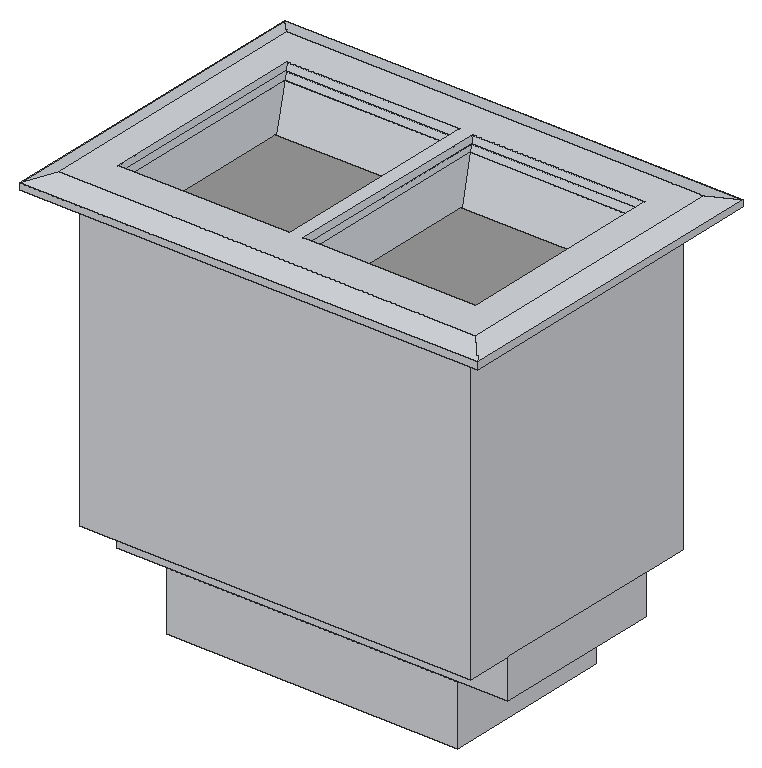
Revit family "2061099 Sylvania Lighting Fixture DOMINO 2xLED 930 BLACK MB TRIM BLACK", category Lighting Fixtures, host Face, Revit 2018
Family settings
  Host = Face
  Round Connector Dimension = Use Diameter
  Part Type = Normal
  OmniClass Number = 23.80.70.00
  OmniClass Title = Lighting
  Cut with Voids When Loaded = No
  Light Source = Yes
  Shared = No
  Room Calculation Point = No
Parameters (values of type "2061099 DOMINO 2XLED 930 BLACK MB TR BLK ")
  top top length = 44 mm
  Width = 50 mm
  Weight = "n/a"
  Wattage Comments = ""
  Wattage = 9.2903 W
  WarrantyStartDate [instance] = "n/a"
  WarrantyGuarantorParts = "n/a"
  WarrantyDurationUnit = "n/a"
  WarrantyDurationParts = ""
  WarrantyDescription = "http://www.sylvania-lighting.com"
  built-in parameter 1150110 = 1 (stored number, unit not read)
  Voltage = 0 V
  URL = "0.6"
  TypeName = "DOMINO 2xLED 930 BLACK MB TRIM BLACK"
  Type Image = <None>
  Type Comments = "n/a"
  built-in parameter 1114217 = 1 (stored number, unit not read)
  Top Width = 26 mm
  Tilt Angle = 90.00°
  built-in parameter 1150109 = 1 (stored number, unit not read)
  built-in parameter 1150134 = 3
  built-in parameter 1150113 = 1 (stored number, unit not read)
  SerialNumber [instance] = "n/a"
  Recessed Width = 43 mm
  Recessed Length = 63 mm
  Photometric Web File = "2061099.ies"
  Material_3_FEILO = none
  PowerFactor = 0
  PowerConsumption = "Lighting"
  NominalLength = 50 mm
  NominalHeight = 0 mm
  NominalDepth = 0 mm
  Name = "DOMINO 2xLED 930 BLACK MB TRIM BLACK"
  ModelReference = Name  # "DOMINO 2xLED 930 BLACK MB TRIM BLACK"
  ModelNumber = "2061099"
  Model = Name  # "DOMINO 2xLED 930 BLACK MB TRIM BLACK"
  Material = "Feilo Sylvania"
  ManufacturerName = "54 lm/W"
  Manufacturer = ""
  LuminousEfficacy = ""
  built-in parameter 1150105 = 109.82 (stored number, unit not read)
  Lumens = 1380 lm
  LuminaireType = "0"
  built-in parameter 1150115 = 1 (stored number, unit not read)
  LightOutputRatio = "LED"
  built-in parameter 1150137 = (empty or 0)
  built-in parameter 1150139 = (empty or 0)
  Lens Width = 32 mm
  Lens = Glass, White, High Luminance
  Length = 69 mm
  LampsType = Lamp  # "n/a"
  LampNominalLuminous = "3000 K"
  LampMacAdamStep = "90"
  LampColourTemperature = "LED"
  LampColourRenderingIndex = "16500"
  built-in parameter 1150112 = 1 (stored number, unit not read)
  built-in parameter 1150114 = 1 (stored number, unit not read)
  Lamp = "n/a"
  Keynote = "n/a"
  InstallationDate [instance] = "n/a"
  InputVoltage = "0"
  InputNominalFrequency = "3000"
  built-in parameter 1150132 = (empty or 0)
  built-in parameter 1150102 = (empty or 0)
  built-in parameter 1150107 = 3200 (stored number, unit not read)
  built-in parameter 1150138 = (empty or 0)
  IngressProtection = "IfcLightFixtureType"
  ImpactProtectionIndex = "IfcLightFixtureType"
  built-in parameter 1150106 = 1.0982 (stored number, unit not read)
  IfcExportType = "IfcLightFixtureType"
  IfcExportAs = "Class II"
  Facia internal width = 37 mm
  Facia internal length = 56 mm
  Facia Height = 2 mm
  ExpectedLife = 50000
  Emit from Circle Diameter = 609.6 mm
  Emit Shape Visible in Rendering = no
  ElectricShockClassification = "54"
  built-in parameter 1150104 = 13.8 (stored number, unit not read)
  DurationUnit = "hours"
  DocumentationLiterature = "http://www.sylvania-lighting.com/product/en-int/products/2061099"
  DimmingControlOptions = "n/a"
  Material_2_FEILO = none
  Dimming Lamp Color Temperature Shift = <None>
  Description = "Modular LED recessed linear spotlight, ideal for retail and hospitality applications. Die-cast aluminium body, passive cooling. Two levels of reflector installation, low glaring UGR<16. 2x LED source, 30° beam angle , optics: PMMA lens and polycarbonate reflector combination, Black matt reflector finish. Light color temperature: 3000K warm white, total system power: 6W , total fixture lumen output: 320lm, efficacy: 54 lm/W, Ra90 typical, LED chromacity: 3 step MacAdam ellipse (SDCM3), lifespan: 96,000 hours at 90% of the original output (L90B10), IR/UV free light source without heat radiation, operating voltage: 220-240V / 50-60Hz, electronic driver, ultra low flicker, non-dimmable , electrical protection: Class II. Degree of Protection: IP40/IP20, suitable for indoor environment only. Ceiling cut-out: 43x43mm, outer dimensions:  70x50mm trim frame RAL 9005 - Jet black color.5 years Warranty."
  Default Elevation = 1219.2 mm
  CreatedOn = "10/02/2021"
  CreatedBy = "harvey.smart@sylvania-lighting.com"
  Cost = 0
  Color Filter = 16777215
  built-in parameter 1114216 [instance] = (empty or 0)
  ClassificationValue = "EF_70_80"
  ClassificationName = "Uniclass2015"
  Material_1_FEILO = none
  Body Width = 40 mm
  Body Length = 59 mm
  BarCode [instance] = "n/a"
  built-in parameter 1114218 = 1 (stored number, unit not read)
  built-in parameter 1150133 = 10 (stored number, unit not read)
  AssetType = "Fixed"
  AssetIdentifier [instance] = "n/a"
  Assembly Code = "D5020200"
  Apparent Load = 6 VA
  Material_4_FEILO = none
Reference planes
  plane 1 "Center (Front/Back)": y = 0
  plane 2: z = 0
  plane 3 "Center (Left/Right)": x = 0
  plane 4: z = 0
  plane 5: z = -7
  plane 6: z = -45.895
  plane 7: z = -51.895
  plane 8: z = -60.895
  plane 9: x = -31.5
  plane 10: x = 31.5
  plane 11: y = 21.5
  plane 12: y = -21.5
  plane 13: x = -34.5
  plane 14: x = 34.5
  plane 15: y = 25
  plane 16: y = -25
  plane 17: x = 28
  plane 18: x = -28
  plane 19: y = 18.5
  plane 20: y = -18.5
  plane 21: z = 2
  plane 22: x = -29.5
  plane 23: x = 29.5
  plane 24: y = 20
  plane 25: y = -20
  plane 26: y = 13
  plane 27: y = -13
  plane 28: x = 22
  plane 29: y = 16
  plane 30: y = -16
  plane 31: x = -27
  plane 32: x = -1
  plane 33: x = -26
  plane 34: x = -2
  plane 35: y = 12.5
  plane 36: y = -12.5
  plane 37: x = 27
  plane 38: x = 1
  plane 39: x = 2
  plane 40: x = 26.026
Forms (mm)
  Extrusion 1, solid, not visible, detail levels medium+fine
    sketch origin (4.2, 0, 0) x (1, 0, 0) y (0, 1, 0)
      loop
        line (-29.2, 34.5) -> (-29.2, -34.5) -> (20.8, -34.5) -> (20.8, 34.5) -> (-29.2, 34.5)
    from 0 to 1
  Extrusion 2, solid, not visible, detail levels medium+fine
    sketch origin (4.044, 0, 0) x (1, 0, 0) y (0, 1, 0)
      loop
        line (-29.2, 34.5) -> (-29.2, -34.5) -> (20.8, -34.5) -> (20.8, 34.5) -> (-29.2, 34.5)
    from 0 to 1
  Blend 3, solid, not visible, detail levels medium+fine
    base sketch origin (4.2, 0, 0) x (1, 0, 0) y (0, 1, 0)
      loop
        line (-29.2, 34.5) -> (-29.2, -34.5) -> (20.8, -34.5) -> (20.8, 34.5) -> (-29.2, 34.5)
    top sketch origin (4.2, 0, 0) x (1, 0, 0) y (0, 1, 0)
      loop
        line (-21.7, 28) -> (-21.7, -28) -> (13.3, -28) -> (13.3, 28) -> (-21.7, 28)
    from 1 to 3
  Extrusion 4, solid, not visible, detail levels medium+fine
    sketch origin (3.419, 0, 0) x (1, 0, 0) y (0, 1, 0)
      loop
        line (-29.2, 34.5) -> (-29.2, -34.5) -> (20.8, -34.5) -> (20.8, 34.5) -> (-29.2, 34.5)
    from 0 to 1
  Blend 5, solid, not visible, detail levels medium+fine
    base sketch origin (3.575, 0, 0) x (1, 0, 0) y (0, 1, 0)
      loop
        line (-29.2, 34.5) -> (-29.2, -34.5) -> (20.8, -34.5) -> (20.8, 34.5) -> (-29.2, 34.5)
    top sketch origin (3.575, 0, 0) x (1, 0, 0) y (0, 1, 0)
      loop
        line (-21.7, 28) -> (-21.7, -28) -> (13.3, -28) -> (13.3, 28) -> (-21.7, 28)
    from 1 to 3
  Extrusion 6, solid, not visible, detail levels medium+fine
    sketch origin (4.247, 0, 0) x (1, 0, 0) y (0, 1, 0)
      loop
        line (-29.2, 34.5) -> (-29.2, -34.5) -> (20.8, -34.5) -> (20.8, 34.5) -> (-29.2, 34.5)
    from 0 to 1
  Blend 7, solid, not visible, detail levels medium+fine
    base sketch origin (4.403, 0, 0) x (1, 0, 0) y (0, 1, 0)
      loop
        line (-29.2, 34.5) -> (-29.2, -34.5) -> (20.8, -34.5) -> (20.8, 34.5) -> (-29.2, 34.5)
    top sketch origin (4.403, 0, 0) x (1, 0, 0) y (0, 1, 0)
      loop
        line (-21.7, 28) -> (-21.7, -28) -> (13.3, -28) -> (13.3, 28) -> (-21.7, 28)
    from 1 to 3
  Extrusion 8, void, detail levels medium+fine
    sketch origin (4.2, 0, 0) x (0, 1, 0) y (1, 0, 0)
      loop
        line (21.5, -35.7) -> (21.5, 27.3) -> (-21.5, 27.3) -> (-21.5, -35.7) -> (21.5, -35.7)
    from -9.934 to 83.097
  Extrusion 9, solid, detail levels medium+fine
    sketch origin (4.2, 0, 0) x (1, 0, 0) y (0, 1, 0)
      loop
        line (-38.7, 25) -> (-38.7, -25) -> (30.3, -25) -> (30.3, 25) -> (-38.7, 25)
    from 0 to 1
  Blend 10, solid, detail levels medium+fine
    base sketch origin (4.2, 0, 0) x (1, 0, 0) y (0, 1, 0)
      loop
        line (-38.7, 25) -> (-38.7, -25) -> (30.3, -25) -> (30.3, 25) -> (-38.7, 25)
    top sketch origin (4.2, 0, 0) x (1, 0, 0) y (0, 1, 0)
      loop
        line (-35.7, 21.5) -> (-35.7, -21.5) -> (27.3, -21.5) -> (27.3, 21.5) -> (-35.7, 21.5)
    from 1 to 2
  Extrusion 11, solid, detail levels medium+fine
    sketch origin (4.2, 0, 0) x (1, 0, 0) y (0, 1, 0)
      loop
        line (-33.7, 20) -> (-33.7, -20) -> (25.3, -20) -> (25.3, 20) -> (-33.7, 20)
    from 0 to -45.895
  Extrusion 12, solid, detail levels medium+fine
    sketch origin (4.2, 0, 0) x (1, 0, 0) y (0, 1, 0)
      loop
        line (-33.7, 13) -> (-33.7, -13) -> (25.3, -13) -> (25.3, 13) -> (-33.7, 13)
    from -51.895 to -45.895
  Extrusion 13, solid, detail levels fine
    sketch origin (4.2, 0, 0) x (1, 0, 0) y (0, 1, 0)
      loop
        line (-26.2, 13) -> (-26.2, -13) -> (17.8, -13) -> (17.8, 13) -> (-26.2, 13)
    from -60.895 to -51.895
  Blend 14, void, detail levels medium+fine
    base sketch origin (4.2, 0, 0) x (0, 1, 0) y (-1, 0, 0)
      loop
        line (16, 31.2) -> (-16, 31.2) -> (-16, 5.2) -> (16, 5.2) -> (16, 31.2)
    top sketch origin (4.2, 0, 0) x (0, 1, 0) y (-1, 0, 0)
      loop
        line (12.5, 30.2) -> (-12.5, 30.2) -> (-12.5, 6.2) -> (12.5, 6.2) -> (12.5, 30.2)
    from 2 to -7
  Blend 15, void, detail levels medium+fine
    base sketch origin (4.2, 0, 0) x (0, 1, 0) y (-1, 0, 0)
      loop
        line (16, 3.2) -> (-16, 3.2) -> (-16, -22.8) -> (16, -22.8) -> (16, 3.2)
    top sketch origin (4.2, 0, 0) x (0, 1, 0) y (-1, 0, 0)
      loop
        line (12.5, 2.2) -> (-12.5, 2.2) -> (-12.5, -21.826) -> (12.5, -21.826) -> (12.5, 2.2)
    from 2 to -7
  Extrusion 16, solid, material "Glass, White, High Luminance" <- "Lens", detail levels fine
    sketch origin (0, 1219.2, 38) x (1, 0, 0) y (0, 1, 0)
      loop
        line (-26, -1206.7) -> (-26, -1231.7) -> (-2, -1231.7) -> (-2, -1206.7) -> (-26, -1206.7)
    from -45 to -44
  Extrusion 17, solid, material "Glass, White, High Luminance" <- "Lens", detail levels fine
    sketch origin (4.2, 0, 0) x (1, 0, 0) y (0, 1, 0)
      loop
        line (-2.2, 12.5) -> (-2.2, -12.5) -> (21.826, -12.5) -> (21.826, 12.5) -> (-2.2, 12.5)
    from -7 to -6
  Extrusion 18, solid, detail levels coarse
    sketch origin (0, 1219.2, 38) x (1, 0, 0) y (0, 1, 0)
      loop
        line (34.5, -1194.2) -> (-34.5, -1194.2) -> (-34.5, -1244.2) -> (34.5, -1244.2) -> (34.5, -1194.2)
    from -36 to -98.895
Cuts and joins
  Blend 14, Blend 15 cuts Extrusion 9
  Blend 14, Blend 15 cuts Blend 10
  Blend 14, Blend 15 cuts Extrusion 11
Dimensions and locks
  "Recessed Length": plane 9 to plane 10
  equal spacing: plane 9, plane 3 "Center (Left/Right)", plane 10
  "Length": plane 13 to plane 14
  equal spacing: plane 13, plane 3 "Center (Left/Right)", plane 14
  "Recessed Width": plane 11 to plane 12
  equal spacing: plane 11, plane 1 "Center (Front/Back)", plane 12
  "Width": plane 15 to plane 16
  equal spacing: plane 15, plane 1 "Center (Front/Back)", plane 16
  "Facia internal length": plane 18 to plane 17
  equal spacing: plane 18, plane 3 "Center (Left/Right)", plane 17
  "Facia internal width": plane 19 to plane 20
  equal spacing: plane 19, plane 1 "Center (Front/Back)", plane 20
  "Facia Height": plane 21 to host face
  "Body Length": plane 22 to plane 23
  equal spacing: plane 22, plane 3 "Center (Left/Right)", plane 23
  "Body Width": plane 24 to plane 25
  equal spacing: plane 24, plane 1 "Center (Front/Back)", plane 25
  "Top Width": plane 26 to plane 27
  equal spacing: plane 26, plane 1 "Center (Front/Back)", plane 27
  plane 3 "Center (Left/Right)" to plane 28 = 22 mm
  "Lens Width": plane 29 to plane 30
  equal spacing: plane 29, plane 1 "Center (Front/Back)", plane 30
  aligned and locked: plane 2 to host face
  aligned and locked: level to host face
  aligned and locked: plane 21 to Blend 10
  aligned and locked: Extrusion 9 to Blend 10
  aligned and locked: plane 7 to Extrusion 13
  aligned and locked: Extrusion 12 to plane 7
  aligned and locked: Extrusion 11 to plane 6
  aligned and locked: Blend 14 to plane 5
  aligned and locked: plane 21 to Blend 14
  aligned and locked: Blend 15 to plane 5
  aligned and locked: plane 21 to Blend 15
Automatic sketch dimensions
  host sketch curve to host sketch curve = 2438.4 mm  (x2)
  Extrusion 1 sketch curve to Extrusion 1 sketch curve = 50 mm
  Extrusion 1 sketch curve to Extrusion 1 sketch curve = 69 mm
  Extrusion 2 sketch curve to Extrusion 2 sketch curve = 50 mm
  Extrusion 2 sketch curve to Extrusion 2 sketch curve = 69 mm
  Blend 3 sketch curve to Blend 3 sketch curve = 50 mm
  Blend 3 sketch curve to Blend 3 sketch curve = 69 mm
  Blend 3 sketch curve to Blend 3 sketch curve = 35 mm
  Blend 3 sketch curve to Blend 3 sketch curve = 56 mm
  Extrusion 4 sketch curve to Extrusion 4 sketch curve = 50 mm
  Extrusion 4 sketch curve to Extrusion 4 sketch curve = 69 mm
  Blend 5 sketch curve to Blend 5 sketch curve = 50 mm
  Blend 5 sketch curve to Blend 5 sketch curve = 69 mm
  Blend 5 sketch curve to Blend 5 sketch curve = 35 mm
  Blend 5 sketch curve to Blend 5 sketch curve = 56 mm
  Extrusion 6 sketch curve to Extrusion 6 sketch curve = 50 mm
  Extrusion 6 sketch curve to Extrusion 6 sketch curve = 69 mm
  Blend 7 sketch curve to Blend 7 sketch curve = 50 mm
  Blend 7 sketch curve to Blend 7 sketch curve = 69 mm
  Blend 7 sketch curve to Blend 7 sketch curve = 35 mm
  Blend 7 sketch curve to Blend 7 sketch curve = 56 mm
  Extrusion 8 sketch curve to plane 9 = 0 mm
  Extrusion 8 sketch curve to plane 12 = 0 mm
  Extrusion 8 sketch curve to plane 11 = 0 mm
  Extrusion 8 sketch curve to plane 10 = 0 mm
  Extrusion 9 sketch curve to plane 13 = 0 mm
  Extrusion 9 sketch curve to plane 14 = 0 mm
  Extrusion 9 sketch curve to plane 16 = 0 mm
  Extrusion 9 sketch curve to plane 15 = 0 mm
  Blend 10 sketch curve to plane 13 = 0 mm
  Blend 10 sketch curve to plane 14 = 0 mm
  Blend 10 sketch curve to plane 16 = 0 mm
  Blend 10 sketch curve to plane 15 = 0 mm
  Blend 10 sketch curve to plane 9 = 0 mm
  Blend 10 sketch curve to plane 10 = 0 mm
  Blend 10 sketch curve to plane 12 = 0 mm
  Blend 10 sketch curve to plane 11 = 0 mm
  Extrusion 11 sketch curve to plane 22 = 0 mm
  Extrusion 11 sketch curve to plane 23 = 0 mm
  Extrusion 11 sketch curve to plane 25 = 0 mm
  Extrusion 11 sketch curve to plane 24 = 0 mm
  Extrusion 12 sketch curve to plane 22 = 0 mm
  Extrusion 12 sketch curve to plane 23 = 0 mm
  Extrusion 12 sketch curve to plane 27 = 0 mm
  Extrusion 12 sketch curve to plane 26 = 0 mm
  Extrusion 13 sketch curve to plane 27 = 0 mm
  Extrusion 13 sketch curve to plane 28 = 0 mm
  Extrusion 13 sketch curve to plane 26 = 0 mm
  plane 18 to Extrusion 13 sketch curve = 6 mm
  Blend 14 sketch curve to plane 30 = 0 mm
  Blend 14 sketch curve to plane 29 = 0 mm
  Blend 14 sketch curve to plane 32 = 0 mm
  Blend 14 sketch curve to plane 31 = 0 mm
  Blend 14 sketch curve to plane 33 = 0 mm
  Blend 14 sketch curve to plane 36 = 0 mm
  Blend 14 sketch curve to plane 35 = 0 mm
  Blend 14 sketch curve to plane 34 = 0 mm
  Blend 15 sketch curve to plane 30 = 0 mm
  Blend 15 sketch curve to plane 29 = 0 mm
  Blend 15 sketch curve to plane 37 = 0 mm
  Blend 15 sketch curve to plane 38 = 0 mm
  Blend 15 sketch curve to plane 36 = 0 mm
  Blend 15 sketch curve to plane 35 = 0 mm
  Blend 15 sketch curve to plane 40 = 0 mm
  Blend 15 sketch curve to plane 39 = 0 mm
  plane 31 to Extrusion 16 sketch curve = 1 mm
  Extrusion 16 sketch curve to plane 11 = 9 mm
  Extrusion 16 sketch curve to plane 34 = 0 mm
  plane 1 "Center (Front/Back)" to Extrusion 16 sketch curve = 12.5 mm
  Extrusion 17 sketch curve to plane 36 = 0 mm
  Extrusion 17 sketch curve to plane 39 = 0 mm
  Extrusion 17 sketch curve to plane 40 = 0 mm
  Extrusion 17 sketch curve to plane 35 = 0 mm
  Extrusion 18 sketch curve to plane 33 = 8.5 mm
  plane 14 to Extrusion 18 sketch curve = 0 mm
  plane 16 to Extrusion 18 sketch curve = 50 mm
  Extrusion 18 sketch curve to plane 36 = 12.5 mm
